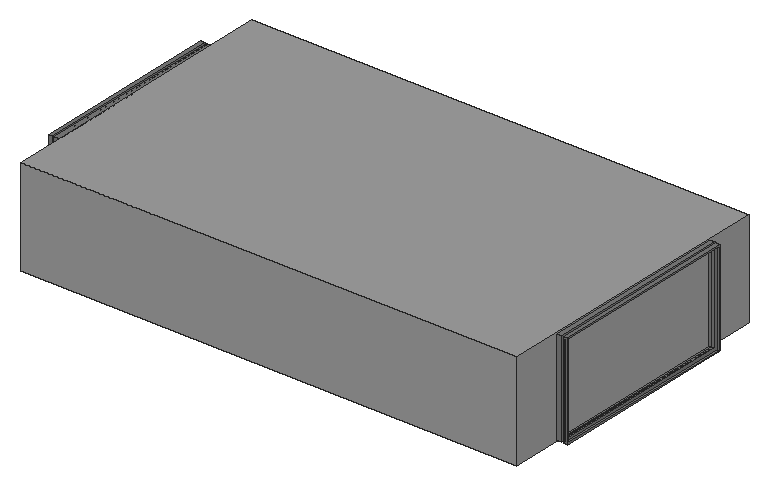
Revit family "BIMLIB_ПриточнаяУстановка_Eco-Slim1100_SHUFT", category Оборудование, Revit 2017
Family settings
  Размер круглого соединителя = Использовать диаметр
  Тип детали = Нормальный
  На основе рабочей плоскости = Нет
  Всегда вертикально = Да
  При загрузке вырезать с полостями = Нет
  Общий = Нет
  Точка расчета площади = Нет
Parameters (values of type "Eco-Slim 1100 15,0 кВт")
  Повернуть УГО [instance] = yes
  Описание = "Приточная установка ECO-SLIM выпускается в двух модификациях: или с водным нагреваем (модель 1100) или с электрическим нагревателем. В обеих модификациях воздушный клапан размещен снаружи корпуса, что улучшает его ремонтопригодность и позволяет выносить клапан с приводом к месту забора наружного воздуха. Установка обладает компактными габаритами и низким уровнем шума, что значительно упрощает выбор его размещения в квартире"  # constant formula
  Изготовитель = "ООО «Завод ВКО» марка SHUFT"  # constant formula
  Высота коннекторов = ADSK_Размер_Высота / 2  # 127.5 mm
  Watermark [instance] = "Модели защищены уникальным кодом"
  W3 = 500 mm  # constant formula
  URL = "http://www.shuft.ru/"
  SH_Мощность вентилятора = 290 W
  L2 = 1300 mm  # constant formula
  H1 = 250 mm  # constant formula
  D = 160 mm
  BL_Разработано = "support@bimlib.pro"  # constant formula
  BL_Email = "bimmodels@rusklimat.ru"  # constant formula
  BL_BIM library = "https://bimlib.pro/manufacturer/company/23829"
  ADSK_Частота вращения вентилятора = 2250  # constant formula
  ADSK_Ток = 23 A
  ADSK_Тип воздушного фильтра = "G4"  # constant formula
  ADSK_Расход воздуха приточный [instance] = 0.0 L/s
  ADSK_Размер_Ширина = 760 mm  # constant formula
  ADSK_Размер_Длина = 1370 mm  # constant formula
  ADSK_Размер_Высота = 255 mm  # constant formula
  ADSK_Примечание [instance] = ""
  ADSK_Полная мощность = ADSK_Номинальная мощность / ADSK_Коэффициент мощности  # 15000 VA
  ADSK_Позиция = ""
  ADSK_Обозначение = ""
  ADSK_Номинальная мощность = 15000 W
  ADSK_Напряжение = 400 V
  ADSK_Наименование = "Приточная вентиляционная установка Eco-Slim 1100 15,0 кВт"
  ADSK_Материал = BIMLIB_Сталь_SHUFT
  ADSK_Масса_Текст = "66"
  ADSK_Масса = 66
  ADSK_Марка = ADSK_Код изделия  # "Eco-Slim 1100 15,0 кВт"
  ADSK_Коэффициент мощности = 1
  ADSK_Количество фаз = 3
  ADSK_Код изделия = "Eco-Slim 1100 15,0 кВт"
  ADSK_Классификация нагрузок = Прочее
  ADSK_Завод-изготовитель = Изготовитель  # "ООО «Завод ВКО» марка SHUFT"
  ADSK_Единица измерения = "шт."  # constant formula
  ADSK_Версия семейства = "v.1"  # constant formula
  ADSK_Версия Revit = "2017"  # constant formula
  ADSK_URL страницы изделия = "http://www.shuft.ru/catalog/2/205/3033/100850/"
  ADSK_URL документации изделия = "http://www.shuft.ru/upload/downloads/passport-ECO-Slim.pdf"
Types (4, lengths in mm): name | ADSK_Ток | ADSK_Полная мощность | ADSK_Номинальная мощность | ADSK_Наименование | ADSK_Марка | ADSK_Количество фаз | ADSK_Код изделия
  (no name) | 23 A | 15000 VA | 15000 W | "Приточная вентиляционная установка Eco-Slim 1100 15,0 кВт" | "Eco-Slim 1100 15,0 кВт" | 3 | "Eco-Slim 1100 15,0 кВт"
  Eco-Slim 1100 6,0 кВт | 15.3 A | 6000 VA | 6000 W | "Приточная вентиляционная установка Eco-Slim 1100 6,0 кВт" | "Eco-Slim 1100 6,0 кВт" | 2 | "Eco-Slim 1100 6,0 кВт"
  Eco-Slim 1100 9,0 кВт | 14 A | 9000 VA | 9000 W | "Приточная вентиляционная установка Eco-Slim 1100 9,0 кВт" | "Eco-Slim 1100 9,0 кВт" | 3 | "Eco-Slim 1100 9,0 кВт"
  Eco-Slim 1100 15,0 кВт | 23 A | 15000 VA | 15000 W | "Приточная вентиляционная установка Eco-Slim 1100 15,0 кВт" | "Eco-Slim 1100 15,0 кВт" | 3 | "Eco-Slim 1100 15,0 кВт"
Reference planes
  plane 1 "По центру (Вперед/Назад)": y = 0
  plane 2: z = 0
  plane 3 "По центру (Влево/Вправо)": x = 0
  plane 4: x = 685
  plane 5: x = -685
  plane 6 "Перед": y = -380
  plane 7 "Зад": y = 380
  plane 8: z = 255
  plane 9 "Лево корпус": x = -650
  plane 10 "Право корпус": x = 650
  plane 11: z = 127.5
  plane 12: z = 230
Forms (mm)
  Extrusion 1, solid, material "BIMLIB_Сталь_SHUFT" <- "ADSK_Материал", detail levels medium+fine
    sketch origin (0, 0, 0) x (1, 0, 0) y (0, 1, 0)
      loop
        line (-650, 380) -> (-650, -380) -> (650, -380) -> (650, 380) -> (-650, 380)
    from 0 to 255 <- "ADSK_Размер_Высота"
  Sweep 2, solid, material "BIMLIB_Сталь_Патрубки_SHUFT", detail levels medium+fine
    path origin (650, 0, 0) x (0, 1, 0) y (0, 0, 1)
      loop
        line (-250, 252.5) -> (-250, 2.5) -> (250, 2.5) -> (250, 252.5) -> (-250, 252.5)
    profile origin (650, 0, 252.5) x (0, 0, -1) y (-1, 0, 0)
      loop
        line (2, -30) -> (2, -22) -> (7, -22) -> (7, -13) -> (2, -13) -> (2, 0) -> (0, 0) -> (0, -15) -> (5, -15) -> (5, -20) -> (0, -20) -> (0, -30) -> (2, -30)
  Sweep 3, solid, material "BIMLIB_Сталь_Патрубки_SHUFT", detail levels medium+fine
    path origin (-650, 0, 0) x (0, 1, 0) y (0, 0, 1)
      loop
        line (-250, 252.5) -> (-250, 2.5) -> (250, 2.5) -> (250, 252.5) -> (-250, 252.5)
    profile origin (-650, 0, 252.5) x (0, 0, 1) y (1, 0, 0)
      loop
        line (-2, -30) -> (0, -30) -> (0, -20) -> (-5, -20) -> (-5, -15) -> (0, -15) -> (0, 0) -> (-2, 0) -> (-2, -13) -> (-7, -13) -> (-7, -22) -> (-2, -22) -> (-2, -30)
Lines and regions (mm)
  model lines, detail levels fine
    curve 1: line (-650, 380, 230) -> (650, 380, 230)
    curve 2: line (-650, -380, 230) -> (650, -380, 230)
    curve 3: line (-650, -380, 230) -> (-650, 380, 230)
    curve 4: line (650, -380, 230) -> (650, 380, 230)
Dimensions and locks
  equal spacing: plane 6 "Перед", plane 1 "По центру (Вперед/Назад)", plane 7 "Зад"
  equal spacing: plane 5, plane 3 "По центру (Влево/Вправо)", plane 4
  "ADSK_Размер_Длина": plane 5 to plane 4
  "ADSK_Размер_Высота": plane 8 to level
  "ADSK_Размер_Ширина": plane 6 "Перед" to plane 7 "Зад"
  "Высота коннекторов": plane 11 to level
  locked: plane 8 to plane 12 at 25
  equal spacing: plane 9 "Лево корпус", plane 3 "По центру (Влево/Вправо)", plane 10 "Право корпус"
  "L2": plane 9 "Лево корпус" to plane 10 "Право корпус"
  equal spacing: Sweep 2 sketch curve, plane 1 "По центру (Вперед/Назад)", Sweep 2 sketch curve
  equal spacing: Sweep 2 sketch curve, plane 11, Sweep 2 sketch curve
  "H1": Sweep 2 sketch curve to Sweep 2 sketch curve
  "W3": Sweep 2 sketch curve to Sweep 2 sketch curve
  Sweep 3 sketch curve to Sweep 3 sketch curve = 500 mm
  Sweep 3 sketch curve to Sweep 3 sketch curve = 250 mm
  "H1": Sweep 3 sketch curve to Sweep 3 sketch curve
  "W3": Sweep 3 sketch curve to Sweep 3 sketch curve
  aligned and locked: level to plane 2
  aligned and locked: Extrusion 1 sketch curve to plane 9 "Лево корпус"
  aligned and locked: Extrusion 1 sketch curve to plane 7 "Зад"
  aligned and locked: Extrusion 1 sketch curve to plane 10 "Право корпус"
  aligned and locked: Extrusion 1 sketch curve to plane 6 "Перед"
  aligned and locked: plane 1 "По центру (Вперед/Назад)" to nested 1
  aligned and locked: plane 3 "По центру (Влево/Вправо)" to nested 1
Automatic sketch dimensions
  curve 1 to plane 9 "Лево корпус" = 0 mm
  plane 10 "Право корпус" to curve 1 = 0 mm
  curve 1 to plane 12 = 0 mm
  plane 10 "Право корпус" to curve 2 = 0 mm
  curve 2 to plane 9 "Лево корпус" = 0 mm
  curve 2 to plane 12 = 0 mm
  curve 3 to plane 6 "Перед" = 0 mm
  curve 3 to plane 7 "Зад" = 0 mm
  curve 3 to plane 12 = 0 mm
  curve 4 to plane 6 "Перед" = 0 mm
  curve 4 to plane 7 "Зад" = 0 mm
  curve 4 to plane 12 = 0 mm
  plane 10 "Право корпус" to Sweep 2 sketch curve = 0 mm
  Sweep 2 sketch curve to profile plane = 0 mm  (x2)
  Sweep 2 sketch curve to profile plane = 2 mm  (x2)
  Sweep 2 sketch curve to Sweep 2 sketch curve = 3 mm
  Sweep 2 sketch curve to Sweep 2 sketch curve = 2 mm  (x3)
  Sweep 2 sketch curve to plane 10 "Право корпус" = 13 mm
  Sweep 2 sketch curve to Sweep 2 sketch curve = 5 mm
  Sweep 2 sketch curve to Sweep 2 sketch curve = 8 mm
  Sweep 3 sketch curve to profile plane = 0 mm  (x3)
  profile plane to Sweep 3 sketch curve = 2 mm  (x2)
  Sweep 3 sketch curve to Sweep 3 sketch curve = 3 mm
  Sweep 3 sketch curve to Sweep 3 sketch curve = 2 mm  (x3)
  Sweep 3 sketch curve to profile plane = 13 mm
  Sweep 3 sketch curve to Sweep 3 sketch curve = 5 mm
  Sweep 3 sketch curve to Sweep 3 sketch curve = 8 mm
  level to Sweep 3 sketch curve = 2.5 mm
  plane 6 "Перед" to Sweep 3 sketch curve = 130 mm
Nested families
  nested 1: "BIMLIB_УГО_SHUFT" at (0, 0, 0), Высота УГО 3д План <- "Высота коннекторов", Высота <- "ADSK_Размер_Высота", Длина <- "ADSK_Размер_Длина", Ширина <- "ADSK_Размер_Ширина", УГО сверху <- "Повернуть УГО", type "BIMLIB_УГО_SHUFT", detail levels coarse
    with Ширина/4 190 mm, Ширина 760 mm, УГО спереди no, УГО сверху yes, Длина 1370 mm, Высота/4 63.75 mm, Высота УГО 3д План 127.5 mm, Высота 255 mm
Connectors
  electrical at (0, 0, 255), driven by "ADSK_Количество фаз", driven by "ADSK_Классификация нагрузок", driven by "ADSK_Напряжение", driven by "ADSK_Полная мощность", driven by "ADSK_Коэффициент мощности"
    settings: on Extrusion 1, index 3, voltage 400 V, apparent load 15000 VA, apparent load phase1 0 VA, apparent load phase2 0 VA, apparent load phase3 0 VA, power factor 1, load classification "Прочее", number of poles 3, system type 30, power factor state 1, is connector primary yes, connector utility no, sub classification motor no, connector description "Электрический соединитель"
  hvac at (-680, 0, 127.5), driven by "H1", driven by "W3", driven by "ADSK_Расход воздуха приточный"
    settings: on Sweep 3, index 4, duct flow 0.0 L/s, flow factor 0, pres drop 0.0 Pa, loss coef 0, conn angle 0.00°, conn width 500 mm, conn height 250 mm, conn diameter 609.6 mm, duct sys type 1, conn prof type 1, flow config 0, flow direction 1, loss method 0, conn ref index 5, conn util no, is conn primary yes, conn desc "Наружный воздух"
  hvac at (680, 0, 127.5), driven by "H1", driven by "W3", driven by "ADSK_Расход воздуха приточный"
    settings: on Sweep 2, index 5, duct flow 0.0 L/s, flow factor 0, pres drop 0.0 Pa, loss coef 0, conn angle 0.00°, conn width 500 mm, conn height 250 mm, conn diameter 609.6 mm, duct sys type 1, conn prof type 1, flow config 0, flow direction 2, loss method 0, conn ref index 4, conn util no, is conn primary no, conn desc "Приточный воздух"
Definition of nested family "BIMLIB_УГО_SHUFT"
  Parameters (values of type "BIMLIB_УГО_SHUFT")
    Ширина/4 [instance] = Ширина / 4  # 105 mm
    Ширина [instance] = 420 mm
    УГО спереди [instance] = not(УГО сверху)  # no
    УГО сверху [instance] = yes
    Высота/4 [instance] = Высота / 4  # 63 mm
    Длина [instance] = 810 mm
    Высота УГО 3д План [instance] = 126 mm
    Высота [instance] = 252 mm
  Reference planes
    plane 1 "По центру (Вперед/Назад)": y = 0
    plane 2: z = 0
    plane 3 "По центру (Влево/Вправо)": x = 0
    plane 4: x = -405
    plane 5: x = 405
    plane 6: y = 210
    plane 7: y = -210
    plane 8: z = 126
    plane 9 "УГО 3Д": z = 252
    plane 10: x = -270
    plane 11: x = -135
    plane 12: z = 189
    plane 13: z = 63
    plane 14: x = 63
    plane 15: x = 105
    plane 16: y = 105
    plane 17: y = -105
    plane 18 "УГО": z = 126
  Lines and regions (mm)
    model lines, visible <- "УГО спереди", detail levels coarse
      curve 1: line (-405, 0, 252) -> (-405, 0, 0)
      curve 2: line (-405, 0, 0) -> (405, 0, 0)
      curve 3: line (405, 0, 0) -> (405, 0, 252)
      curve 4: line (405, 0, 252) -> (-405, 0, 252)
      curve 5: line (-270, 0, 252) -> (-270, 0, 0)
      curve 6: line (-135, 0, 252) -> (-135, 0, 0)
      curve 7: line (0, 0, 189) -> (0, 0, 63)
      curve 8: line (0, 0, 63) -> (63, 0, 126)
      curve 9: line (63, 0, 126) -> (0, 0, 189)
    model lines, visible <- "УГО сверху", detail levels coarse
      curve 10: line (-405, 210, 126) -> (-405, -210, 126)
      curve 11: line (-405, -210, 126) -> (405, -210, 126)
      curve 12: line (405, -210, 126) -> (405, 210, 126)
      curve 13: line (405, 210, 126) -> (-405, 210, 126)
      curve 14: line (-270, 210, 126) -> (-270, -210, 126)
      curve 15: line (-135, 210, 126) -> (-135, -210, 126)
      curve 16: line (0, 105, 126) -> (105, 0, 126)
      curve 17: line (105, 0, 126) -> (0, -105, 126)
      curve 18: line (0, -105, 126) -> (0, 105, 126)
    symbolic lines, detail levels coarse
      curve 19: line (-405, 0, 252) -> (-405, 0, 0)
      curve 20: line (-405, 0, 0) -> (405, 0, 0)
      curve 21: line (405, 0, 0) -> (405, 0, 252)
      curve 22: line (405, 0, 252) -> (-405, 0, 252)
      curve 23: line (-270, 0, 252) -> (-270, 0, 0)
      curve 24: line (-135, 0, 0) -> (-135, 0, 252)
      curve 25: line (0, 0, 189) -> (63, 0, 126)
      curve 26: line (63, 0, 126) -> (0, 0, 63)
      curve 27: line (0, 0, 63) -> (0, 0, 189)
      curve 28: line (-405, 210, 0) -> (-405, -210, 0)
      curve 29: line (-405, -210, 0) -> (405, -210, 0)
      curve 30: line (405, -210, 0) -> (405, 210, 0)
      curve 31: line (405, 210, 0) -> (-405, 210, 0)
      curve 32: line (-270, 210, 0) -> (-270, -210, 0)
      curve 33: line (-135, -210, 0) -> (-135, 210, 0)
      curve 34: line (0, 105, 0) -> (105, 0, 0)
      curve 35: line (105, 0, 0) -> (0, -105, 0)
      curve 36: line (0, -105, 0) -> (0, 105, 0)
  Dimensions and locks
    equal spacing: plane 4, plane 3 "По центру (Влево/Вправо)", plane 5
    "Длина": plane 4 to plane 5
    "Ширина": plane 7 to plane 6
    equal spacing: plane 4, plane 10, plane 11, plane 3 "По центру (Влево/Вправо)"
    "Высота": plane 9 "УГО 3Д" to level
    equal spacing: plane 9 "УГО 3Д", plane 12, plane 8, plane 13, level
    "Высота/4": plane 14 to plane 3 "По центру (Влево/Вправо)"
    equal spacing: plane 6, plane 16, plane 1 "По центру (Вперед/Назад)", plane 17, plane 7
    "Ширина/4": plane 15 to plane 3 "По центру (Влево/Вправо)"
    "Ширина/4": plane 3 "По центру (Влево/Вправо)" to plane 15
    "Высота УГО 3д План": plane 18 "УГО" to level
    aligned and locked: level to plane 2
  Automatic sketch dimensions
    curve 12 to plane 5 = 0 mm
    plane 1 "По центру (Вперед/Назад)" to curve 16 = 0 mm
    curve 16 to plane 15 = 0 mm
    curve 18 to plane 3 "По центру (Влево/Вправо)" = 0 mm
    curve 15 to plane 11 = 0 mm
    curve 14 to plane 10 = 0 mm
    curve 11 to plane 4 = 0 mm
    curve 13 to plane 6 = 0 mm
    curve 18 to plane 16 = 0 mm
    plane 7 to curve 12 = 0 mm
    curve 1 to plane 4 = 0 mm
    curve 5 to plane 9 "УГО 3Д" = 0 mm
    curve 5 to plane 10 = 0 mm
    curve 23 to level = 0 mm
    curve 23 to plane 10 = 0 mm
    curve 6 to plane 11 = 0 mm
    curve 24 to plane 11 = 0 mm
    curve 9 to plane 3 "По центру (Влево/Вправо)" = 0 mm
    curve 8 to plane 8 = 0 mm
    curve 8 to plane 14 = 0 mm
    curve 20 to plane 5 = 0 mm
    curve 27 to plane 12 = 0 mm
    curve 28 to plane 4 = 0 mm
    curve 32 to plane 6 = 0 mm
    curve 32 to plane 10 = 0 mm
    plane 7 to curve 33 = 0 mm
    curve 33 to plane 11 = 0 mm
    curve 34 to plane 3 "По центру (Влево/Вправо)" = 0 mm
    plane 1 "По центру (Вперед/Назад)" to curve 34 = 0 mm
    curve 30 to plane 5 = 0 mm
    curve 36 to plane 17 = 0 mm
    curve 36 to plane 16 = 0 mm
